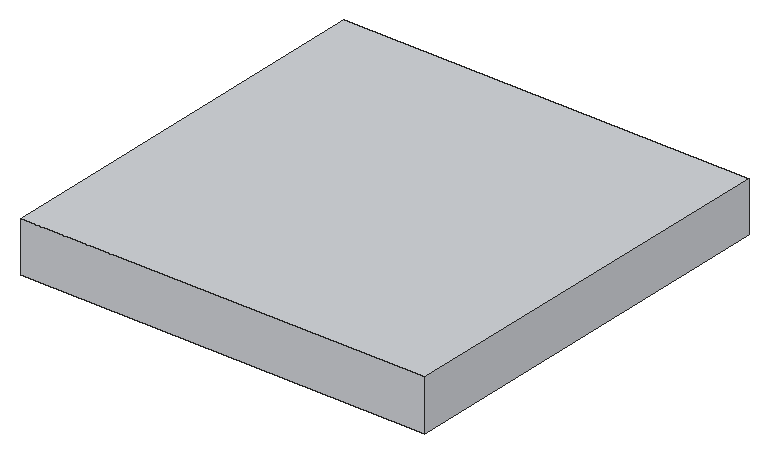
Revit family "05-1798-14-14", category Luminarias, Revit 2017
Family settings
  Anfitrión = Cara
  Cota de conector redondo = Diámetro de uso
  Tipo de pieza = Normal
  Número OmniClass = 23.80.70.00
  Título OmniClass = Lighting
  Corte con vacíos al cargar = No
  Origen de luz = No
  Compartido = Sí
  Punto de cálculo de habitación = No
Parameters (values of type "05-1798-14-14")
  Versión = "v1"
  Vatios (W) = 5.2
  Tipo de regulación = ""
  Tipo = "Aplique"
  Tender text (English) = "LEDS C4\nGes Deco Rectangular 125mm\n05-1798-14-14V2\n\nWall light for indoor use. \n\nFor uplighting and downlighting. Ideal deco-tech compositions. Timeless design. High quality natural materials. No visible screws. Optimum price-performance. Light effect. Indirect light effect. High durability for intensive use. Structure material: Plaster. Structure finish: White. Warranty: 5 Years.\n\nProduct net weight (Kg): 0.700\nProduct width or diameter (mm): 125\nProduct height (mm): 125\nProduct aperture (mm): 60\n\nClass 1. IP: IP20. LED. No. of lampholders or LEDs: 2. LED brand: CREE. Driver brand: HEP. Maximum power of light source: 4.4W. Colour temperature: LED warm-white 3000K. Colour rendering index: 80. MacAdam Steps: 3. Maximum diameter of luminaire bulb: 50.000h L80B20. UGR: 44.5. Photobiological risk: RG2. Real flux (lm): 93. Nominal flux (lm): 330. Lm/Real W: 18. Voltage: 3. Gear included: Yes, electronic. Total power: 5.2. Power factor: 0.50."
  Tender text (Castellano) = "LEDS C4\nGes Deco Rectangular 125mm\n05-1798-14-14V2\n\nAplique de uso interior para iluminar hacia arriba y hacia abajo \n\nIdeal composiciones deco-tech. Diseño atemporal. Materiales naturales de alta calidad. Sin tornillos a la vista. Òptimo precio-rendimiento. Efecto de luz. Efecto de luz indirecto. Alta durabilidad para uso intensivo. Material estructura: Yeso. Acabado estructura: Blanco. Garantía: 5 Años.\n\nPeso neto del producto (Kg): 0.700\nAnchura o diámetro del producto (mm): 125\nAltura del producto (mm): 125\nSalida del producto (mm): 60\n\nClase 1. IP: IP20. LED. Nº de portalámparas o Leds: 2. Marca del LED: CREE. Marca del Driver: HEP. Potencia máxima de la fuente de luz: 4.4W. Temperatura de color: Blanco cálido - 3000K. Índice de reproducción cromática: 80. Steps Mac Adam: 3. Diámetro máximo de la bombilla que admite la luminaria: 50.000h L80B20. UGR: 44.5. Riesgo fotobiológico: RG2. Flujo real (lm): 93. Flujo nominal (lm): 330. Lm/W reales: 18. Voltaje: 3. Equipo incluido: Si, electrónico. Potencia total: 5.2. Factor de potencia: 0.50."
  Temperatura color led (K) = "Blanco cálido - 3000K"
  Referencia = "05-1798-14-14"
  Rayo de luz = "Check Photometric file"
  Producto descatalogado = "Catalogado ES"
  Pluma comercial = "http://files.leds-c4.com/pl/05-1798-14-14V2.html"
  Peso neto (KG) = 0.7
  Material = "Yeso"
  Lumenes reales (lm) = 93
  LDT = "http://files.leds-c4.com/ldt/05-1798-14-14V2.html"
  Imagen web = "http://files.leds-c4.com/main-photo/05-1798-14-14V2"
  IfcExportType = "NOTDEFINED"
  IfcExportAs = "IfcLightFixture\r\nIfcLightFixture"
  IP = "IP20"
  IMC = "http://files.leds-c4.com/imc/05-1798-14-14V2.html"
  IK = ""
  Fuente de luz = "2xLED 4.4 330.00 lm"
  Fotometría = "http://files.leds-c4.com/fm/05-1798-14-14V2.html"
  Ficha = "http://files.leds-c4.com/ft/es/05-1798-14-14V2.html"
  FechaVersion = "Julio 2020"
  Familia = "Ges Deco Rectangular 125mm"
  Fabricante = "LEDS C4"
  Etiqueta V/f = "100-240V/50-60Hz"
  Elevación por defecto = 1000 mm
  Eficiencia energética = "LED A++"
  EAN13 = "8435526800483"
  DescripcionUniformat2010 = "Lighting"
  DescripcionUniclass2015 = "Lighting"
  DescripcionOmniclass = "Lighting"
  DescripcionGubimclass = "Iluminación interior"
  CodigoUniformat2010 = "D5040"
  CodigoUniclass2015 = "EF_70_80"
  CodigoOmniclass = "21-04 50 40"
  CodigoGubimclass = "50.60.50.20"
  Catálogo = "Decorative"
  Carga aparente = 0 VA
  CRI = 80
  Acabado = "Blanco"
Types (2, lengths in mm): name | Lumenes reales (lm) | CRI
  (no name) | 0 | 0
  05-1798-14-14 | 93 | 80
Values of the unnamed type that differ from the named types
  Vatios (W) = 0
  Tipo = ""
  Tender text (English) = ""
  Tender text (Castellano) = ""
  Temperatura color led (K) = ""
  Referencia = ""
  Rayo de luz = ""
  Producto descatalogado = ""
  Pluma comercial = ""
  Peso neto (KG) = 0
  Material = ""
  LDT = ""
  Imagen web = ""
  IP = ""
  IMC = ""
  Fuente de luz = ""
  Fotometría = ""
  Ficha = ""
  Familia = ""
  Etiqueta V/f = ""
  Eficiencia energética = ""
  EAN13 = ""
  Catálogo = ""
  Acabado = ""
Reference planes
  plane 1 "Centro (Frontal/Posterior)": y = 0
  plane 2: z = 0
  plane 3 "Centro (Izquierda/Derecha)": x = 0
  plane 4 "Elevación de origen de luz": z = 0
  plane 5 "Eje de origen de luz (F/P)": y = 0
  plane 6 "Eje de origen de luz (I/D)": x = 0
Forms (mm)
  Extrusion 1, solid
    sketch origin (0, 0, 0) x (1, 0, 0) y (0, 1, 0)
      loop
        line (-1219.2, 1219.2) -> (-1219.2, -1219.2) -> (1219.2, -1219.2) -> (1219.2, 1219.2) -> (-1219.2, 1219.2)
    from 0 to -304.8
Dimensions and locks
  aligned and locked: plane 2 to Extrusion 1
  aligned and locked: level to Extrusion 1
Nested families
  nested 1: "Luz anidada" at (0, 74.03, 27), type "Tipo1"
  nested 2: "Luz anidada2" at (0, -65.502, 27) x (-1, 0, 0) z (0, 0, 1), type "Tipo1"
Connectors
  electrical at (0, 0, 0)
    settings: on Extrusion 1, index 1, voltage 0 V, apparent load 0 VA, apparent load phase1 0 VA, apparent load phase2 0 VA, apparent load phase3 0 VA, power factor 1, load classification "Otro", number of poles 1, system type 31, power factor state 1, is connector primary yes, connector utility no, sub classification motor no, connector description ""
Definition of nested family "Luz anidada"
  Parameters (values of type "Tipo1")
    Tilt Angle = 0.00°
    Wattage = 2.6 W
    Tipo de regulación = ""
    Tipo = ""
    Tender text = ""
    built-in parameter 1150110 = 1 (stored number, unit not read)
    Pluma comercial = ""
    Material = ""
    Imagen = ""
    IP = ""
    IMC = ""
    IK = ""
    Fotometría = ""
    Ficha = ""
    Familia = ""
    Estado en catálogo = ""
    Peso neto = ""
    Lamp = ""
    built-in parameter 1114217 = 1 (stored number, unit not read)
    built-in parameter 1150109 = 1 (stored number, unit not read)
    Etiqueta vf = ""
    Eficiencia energética = ""
    EAN13 = ""
    built-in parameter 1150134 = (empty or 0)
    built-in parameter 1150113 = 1 (stored number, unit not read)
    Lumens = 2712 lm
    built-in parameter 1150115 = 1 (stored number, unit not read)
    built-in parameter 1150105 = 109.82 (stored number, unit not read)
    built-in parameter 1150137 = (empty or 0)
    built-in parameter 1150139 = (empty or 0)
    built-in parameter 1150112 = 1 (stored number, unit not read)
    built-in parameter 1150114 = 1 (stored number, unit not read)
    built-in parameter 1150132 = (empty or 0)
    built-in parameter 1150102 = (empty or 0)
    built-in parameter 1150138 = (empty or 0)
    built-in parameter 1150107 = 3000 (stored number, unit not read)
    built-in parameter 1150106 = 1.0982 (stored number, unit not read)
    built-in parameter 1150104 = 1.6615 (stored number, unit not read)
    Catálogo = ""
    Dimming Lamp Color Temperature Shift = (empty or 0)
    Color Filter = 16777215
    built-in parameter 1114218 = 1 (stored number, unit not read)
    CRI = 0
    Photometric Web File = "05-1798-14-14.ies"
    Acabado = ""
    built-in parameter 1150133 = 10 (stored number, unit not read)
  Types (2, lengths in mm): name | Tilt Angle
    (no name) | 57.6074°
    Tipo1 | 0.00°
  Values of the unnamed type that differ from the named types
    Wattage = 32 W
    built-in parameter 1150104 = 4.6452 (stored number, unit not read)
  Reference planes
    plane 1 "Eje de origen de luz (F/P)": y = 0
    plane 2: z = 0
    plane 3 "Eje de origen de luz (I/D)": x = 0
    plane 4 "Elevación de origen de luz": z = 0
  Dimensions and locks
    aligned and locked: plane 3 "Eje de origen de luz (I/D)" to imposter light
    aligned and locked: plane 1 "Eje de origen de luz (F/P)" to imposter light
    aligned and locked: plane 4 "Elevación de origen de luz" to imposter light
    aligned and locked: level to plane 2
Definition of nested family "Luz anidada2"
  Parameters (values of type "Tipo1")
    Tilt Angle = 0.00°
    Wattage = 2.6 W
    Tipo de regulación = ""
    Tipo = ""
    Tender text = ""
    built-in parameter 1150110 = 1 (stored number, unit not read)
    Pluma comercial = ""
    Material = ""
    Imagen = ""
    IP = ""
    IMC = ""
    IK = ""
    Fotometría = ""
    Ficha = ""
    Familia = ""
    Estado en catálogo = ""
    Peso neto = ""
    Lamp = ""
    built-in parameter 1114217 = 1 (stored number, unit not read)
    built-in parameter 1150109 = 1 (stored number, unit not read)
    Etiqueta vf = ""
    Eficiencia energética = ""
    EAN13 = ""
    built-in parameter 1150134 = (empty or 0)
    built-in parameter 1150113 = 1 (stored number, unit not read)
    Lumens = 2712 lm
    built-in parameter 1150115 = 1 (stored number, unit not read)
    built-in parameter 1150105 = 109.82 (stored number, unit not read)
    built-in parameter 1150137 = (empty or 0)
    built-in parameter 1150139 = (empty or 0)
    built-in parameter 1150112 = 1 (stored number, unit not read)
    built-in parameter 1150114 = 1 (stored number, unit not read)
    built-in parameter 1150132 = (empty or 0)
    built-in parameter 1150102 = (empty or 0)
    built-in parameter 1150138 = (empty or 0)
    built-in parameter 1150107 = 3000 (stored number, unit not read)
    built-in parameter 1150106 = 1.0982 (stored number, unit not read)
    built-in parameter 1150104 = 1.6615 (stored number, unit not read)
    Catálogo = ""
    Dimming Lamp Color Temperature Shift = (empty or 0)
    Color Filter = 16777215
    built-in parameter 1114218 = 1 (stored number, unit not read)
    CRI = 0
    Photometric Web File = "05-1798-14-14.ies"
    Acabado = ""
    built-in parameter 1150133 = 10 (stored number, unit not read)
  Types (2, lengths in mm): name | Tilt Angle
    (no name) | 179.117°
    Tipo1 | 0.00°
  Values of the unnamed type that differ from the named types
    Wattage = 32 W
    built-in parameter 1150104 = 4.6452 (stored number, unit not read)
  Reference planes
    plane 1 "Eje de origen de luz (F/P)": y = 0
    plane 2: z = 0
    plane 3 "Eje de origen de luz (I/D)": x = 0
    plane 4 "Elevación de origen de luz": z = 0
  Dimensions and locks
    aligned and locked: plane 3 "Eje de origen de luz (I/D)" to imposter light
    aligned and locked: plane 1 "Eje de origen de luz (F/P)" to imposter light
    aligned and locked: plane 4 "Elevación de origen de luz" to imposter light
    aligned and locked: level to plane 2
